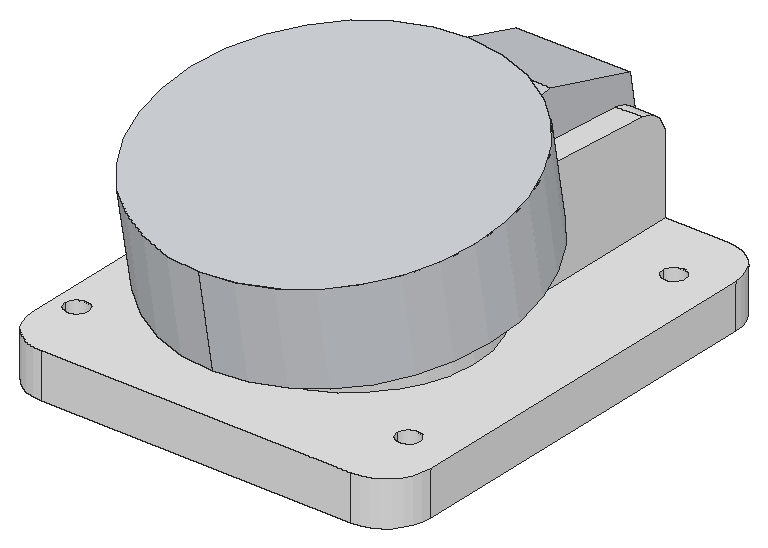
Revit family "Building-IEC309Connections-GEWISS-IEC309HP-10°_FLUSH-MOUNT_SOCKET_16A_REDUCED_FLANGE", category Apparecchi elettrici, host Superficie, Revit 2019
Family settings
  Host = Superficie
  Mantenere orientamento annotazione = Sì
  Quota connettore circolare = Usa diametro
  Tipo di parte = Normale
  Taglio con vuoti quando caricato = No
  Condiviso = No
  Punto di calcolo locali = Sì
Parameters (values of type "GW62204 - IP44 10°P.RECEPTACLE 2P+E 16A 230V 6H")
  simbolo acceso [instance] = yes
  distanza_simbolo [instance] = 1 mm
  distanza dal piano [instance] = 0 mm
  W = 115 mm  # constant formula
  Voltaggio = 0 V
  Version file RFA = "21.11"
  URL = "https://www.gewiss.com/ww/en"
  Typology = "10° angled flush-mounting socket-outlet"
  Type of wiring = "With screw"
  Total number of operations = "-5000"
  Thermo-pressure with ball = "125 °C (active parts) - 80 °C (passive parts)"
  Terminal tightening capacity = "1-2.5mm² flexible cables - 1.5-4mm² rigid cables"
  Technical sheet = "https://www.gewiss.com/ww/en/search?q=GW62204"
  Spostamento_effettivo_S [instance] = 4000 mm - Spostamento_S  # 3037.5 mm
  Spostamento_S = 962.5 mm
  Sportello_visibile = yes
  Shock resistance = "IK08"
  SPinotto = Default(2)
  SEO = "Socket outlet"
  Reference h = "6"
  Realized by GEWISS S.p.A. = ""
  Rated voltage = "200-250V"
  Rated current (A) = "16"
  Default Elevation = 1219.2 mm
  Produttore = "GEWISS S.p.A."
  Piastra = Default(2)
  Permissible overload = "22A"
  Operating temperature: = "-25 +55 °C"
  No. of poles = "2P+E"
  N.poli = 1
  Modello = "GW62204"
  L = 155 mm  # constant formula
  Insulation resistance = "- 10 M?"
  Immagine tipo = (empty or 0)
  IP degree = "IP44/IP54"
  IDT = "114b7d9d6d3d4d5c9f204bb7cf775f6c"
  IDF = "0263b613-1a5a-4226-ba06-1b5d4df9bf17"
  Glow wire test: = "850 °C (active parts) - 650 °C (passive parts)"
  Frequency = "50/60 Hz"
  Flange dimensions (mm) = "62x62"
  FORMULA = 1000 mm * 1  # 1000 mm
  Electrocod = "2210"
  Description = "IP44 10°P.RECEPTACLE 2P+E 16A 230V 6H"
  Corpo centrale = Default(2)
  Colour: = "Blue"
  Catalogue = "BUILDING"
  COBie.Tagnumber = ""
  COBie.CreatedOn = ""
  COBie.CreatebBy = ""
  COBie.ComponentRegisterItemID = ""
  COBie.Component.TagNumber = ""
  COBie.Component.Space = ""
  COBie.Component.SerialNumber = ""
  COBie.Component.InstallationDate = ""
  COBie.Component.Description = ""
  COBie.Component.BarCode = ""
  Breaking capacity at 1.1 Un = "20A"
  BLOCCO = "B=C"
Reference planes
  plane 1 "Centro (Fronte/Retro)": y = 0
  plane 2: z = 0
  plane 3 "Centro (Sinistra/Destra)": x = 0
  plane 4: x = -3000
  plane 5: x = 37.5
  plane 6: z = 0
Dimensions and locks
  plane 4 to plane 3 "Centro (Sinistra/Destra)" = 3000 mm
  "Spostamento_effettivo_S": plane 4 to plane 5
  "distanza dal piano": plane 6 to plane 2
  aligned and locked: plane 2 to host face
  aligned and locked: level to host face
  aligned and locked: plane 3 "Centro (Sinistra/Destra)" to nested 1
  aligned and locked: plane 1 "Centro (Fronte/Retro)" to nested 1
  aligned and locked: nested 2 to plane 5
Automatic sketch dimensions
  host sketch curve to host sketch curve = 2438.4 mm  (x2)
Nested families
  nested 1: "IEC309 PRESA FISSA INCASSO 10' 16A RID_base" at (0, 0, 0), type "IEC309 PRESA FISSA INCASSO 10' 16A RID_base"
  nested 2: "GWGW62201FH - SIMBOLO_PRESA" at (37.5, 171.559, 0), visible <- "simbolo acceso", Distanza dal muro <- "distanza_simbolo", type "3P"
    with SIMBOLO ACCESO yes, Distanza dal muro 1 mm
Connectors
  electrical at (37.5, 30, 0), driven by "N.poli", driven by "Voltaggio"
    settings: on nested 1, index 1, voltage 0 V, apparent load 0 VA, apparent load phase1 0 VA, apparent load phase2 0 VA, apparent load phase3 0 VA, power factor 1, load classification "Altro", number of poles 1, system type 31, power factor state 1, is connector primary yes, connector utility no, sub classification motor no, connector description ""
Definition of nested family "IEC309 PRESA FISSA INCASSO 10' 16A RID_base"
  Parameters (values of type "IEC309 PRESA FISSA INCASSO 10' 16A RID_base")
    sp_ghiera = 16 mm
    h = 85 mm  # constant formula
    dis_base = 71 mm
    Sportello = yes
    Spinotto = none
    R1 = 22 mm  # constant formula
    PIASTRA = none
    Lunghezza totale = 140 mm
    CENTRALE = none
    Bsae = 72 mm  # constant formula
  Reference planes
    plane 1 "Centro (Fronte/Retro)": y = 0
    plane 2: z = 0
    plane 3 "Centro (Sinistra/Destra)": x = 0
    plane 4: x = 72
    plane 5: x = 4
    plane 6: y = 13
    plane 7: x = 64
    plane 8: y = 73
    plane 9: y = 85
    plane 10: y = 36.5
    plane 11: x = 36
    plane 12: z = 8.057
    plane 13: y = 29
    plane 14: z = 23.239
    plane 15: through (37.5, 29, 1200) normal (-0.766, -0.6428, 0)
    plane 16: through (37.5, 29, 1200) normal (-0.766, 0.6428, 0)
  Forms (mm)
    Extrusion 1, solid, material <- "PIASTRA"
      sketch origin (0, 0, 0) x (1, 0, 0) y (0, 1, 0)
        loop
          arc (8, 85) -> (2.343, 82.657) -> (0, 77) r 8
          line (0, 77) -> (0, 8)
          arc (0, 8) -> (2.343, 2.343) -> (8, 0) r 8
          line (8, 0) -> (64, 0)
          arc (64, 0) -> (69.657, 2.343) -> (72, 8) r 8
          line (72, 8) -> (72, 77)
          arc (72, 77) -> (69.657, 82.657) -> (64, 85) r 8
          line (64, 85) -> (8, 85)
      from 0 to 8.057
    Sweep 2, solid, material <- "PIASTRA"
      path origin (0, 0, 0) x (0, 1, 0) y (0, 0, 1)
        loop
          line (34.307, 18.553) -> (36.569, 6.116)
      profile origin (0, 35.438, 12.334) x (0, 0.983865, 0.17891) y (1, 0, 0)
        loop
          circle (-0.621, 36) r 22
    Extrusion 3, solid, material <- "PIASTRA"
      sketch origin (0, 11.875, 0) x (1, 0, 0) y (0, 1, 0)
        loop
          spline (47.772, 47.955) -> (48.225, 47.698) -> (48.672, 47.433) -> (49.113, 47.158) -> (49.548, 46.874) -> (49.976, 46.582) -> (50.398, 46.281) -> (50.812, 45.972) -> (51.219, 45.654) -> (51.619, 45.329) -> (52.011, 44.995) -> (52.395, 44.654) -> (52.772, 44.305)
          line (52.772, 44.305) -> (52.772, 73) -> (47.772, 73) -> (47.772, 47.955)
      from 8.057 to 31.758
    Extrusion 4, void
      sketch origin (0, 11.875, 0) x (0, 1, 0) y (0, 0, 1)
        loop
          line (73, 31.758) -> (44.305, 31.758) -> (44.305, 28.134) -> (68.064, 26.588)
          arc (68.064, 26.588) -> (71.251, 25.281) -> (73, 22.313) r 5.4
          line (73, 22.313) -> (73, 31.758)
      from 47.772 to 52.772
    Extrusion 5, solid, material <- "PIASTRA"
      sketch origin (75, 11.875, 0) x (-1, 0, 0) y (0, -1, 0)
        loop
          line (49.272, -48.02) -> (49.272, -73) -> (54.272, -73) -> (54.272, -43.697)
          spline (54.272, -43.697) -> (53.906, -44.109) -> (53.53, -44.514) -> (53.145, -44.909) -> (52.749, -45.294) -> (52.345, -45.671) -> (51.931, -46.037) -> (51.509, -46.394) -> (51.077, -46.74) -> (50.638, -47.076) -> (50.19, -47.402) -> (49.735, -47.716) -> (49.272, -48.02)
      from 8.057 to 28.109
    Extrusion 6, void
      sketch origin (75, 11.875, 0) x (0, 1, 0) y (0, 0, -1)
        loop
          line (73, -31.758) -> (73, -19.567)
          arc (73, -19.567) -> (71.497, -23.176) -> (67.952, -24.825) r 5.4
          line (67.952, -24.825) -> (38, -26.775) -> (38, -31.758) -> (73, -31.758)
      from 39.92 to 54.884
    Sweep 7, void
      path origin (0, 0.625, 0) x (0, 1, 0) y (0, 0, 1)
        loop
          line (18.381, 21.548) -> (20.759, 8.057)
      profile origin (0, 20.195, 14.803) x (0, 0.984809, 0.173644) y (1, 0, 0)
        loop
          circle (-1.772, 37.608) r 5
        loop
          circle (10.516, 29.004) r 5
        loop
          circle (10.516, 45.996) r 5
    Sweep 8, solid, visible <- "Sportello"
      path origin (0, 4.703, 0.42) x (0, 0.999986, 0.005351) y (0, -0.005351, 0.999986)
        loop
          line (29.196, 35.942) -> (32.283, 18.43)
      profile origin (0, 35.296, 27.77) x (0, 0.983865, 0.17891) y (1, 0, 0)
        loop
          circle (-2.622, 36) r 31
    Extrusion 9, solid, visible <- "Sportello"
      sketch origin (0, 11.875, -1.562) x (0, 1, 0) y (0, 0, 1)
        loop
          line (46.739, 26.216) -> (68.431, 24.804)
          arc (68.431, 24.804) -> (71.22, 23.59) -> (73.002, 21.123) r 5.761
          arc (73.002, 21.123) -> (73.116, 22.165) -> (73.026, 23.208) r 5.4
          line (73.026, 23.208) -> (71.359, 32.236) -> (53.64, 37.49) -> (45.019, 35.97) -> (46.739, 26.216)
      from 27.228 to 47.772
    Extrusion 10, void
      sketch origin (0, 0, 0) x (1, 0, 0) y (0, 1, 0)
        loop
          circle (4, 73) r 2.072
        loop
          circle (64, 73) r 2.072
        loop
          circle (4, 13) r 2.072
        loop
          circle (64, 13) r 2.072
      from 0 to 8.057
  Cuts and joins
    Sweep 7, Extrusion 10 cuts Extrusion 1
    Sweep 7, Extrusion 10 cuts Sweep 2
    joined: Extrusion 1, Sweep 2
    Extrusion 4, Extrusion 6 cuts Extrusion 3
    Extrusion 6 cuts Extrusion 5
  Dimensions and locks
    "Bsae": plane 3 "Centro (Sinistra/Destra)" to plane 4
    locked: plane 7 to plane 4 at 8
    "h": plane 1 "Centro (Fronte/Retro)" to plane 9
    equal spacing: plane 1 "Centro (Fronte/Retro)", plane 10, plane 8
    equal spacing: plane 3 "Centro (Sinistra/Destra)", plane 11, plane 4
    locked: plane 5 to plane 7 at 60
    locked: plane 8 to plane 6 at 60
    locked: plane 12 to level at 8.057
    plane 1 "Centro (Fronte/Retro)" to plane 13 = 29 mm
    plane 14 to plane 12 = 15.181 mm
    radius of Extrusion 1 sketch curve = 8 mm  (x4)
    "R1": radius of Sweep 2 sketch curve
    aligned and locked: level to plane 2
    aligned and locked: plane 9 to Extrusion 1
    aligned and locked: Extrusion 1 to plane 3 "Centro (Sinistra/Destra)"
    aligned and locked: plane 1 "Centro (Fronte/Retro)" to Extrusion 1
    aligned and locked: Extrusion 1 to plane 4
    aligned and locked: plane 12 to Extrusion 1
    aligned and locked: Extrusion 3 to plane 12
    aligned and locked: Extrusion 4 sketch curve to Extrusion 3  (x2)
    aligned and locked: Extrusion 4 to Extrusion 3  (x2)
    aligned and locked: plane 5 to Extrusion 10 sketch curve  (x2)
    aligned and locked: plane 8 to Extrusion 10 sketch curve  (x2)
    aligned and locked: plane 7 to Extrusion 10 sketch curve  (x2)
    aligned and locked: plane 6 to Extrusion 10 sketch curve  (x2)
    aligned and locked: Extrusion 1 to Extrusion 10
    aligned and locked: plane 11 to Sweep 8 sketch curve
    aligned and locked: plane 11 to Sweep 2 sketch curve
  Automatic sketch dimensions
    Extrusion 1 sketch curve to plane 3 "Centro (Sinistra/Destra)" = 0 mm
    Extrusion 1 sketch curve to plane 7 = 0 mm
    plane 1 "Centro (Fronte/Retro)" to Extrusion 1 sketch curve = 0 mm
    Extrusion 1 sketch curve to plane 9 = 0 mm
    plane 8 to Extrusion 3 sketch curve = 11.875 mm
    plane 11 to Extrusion 3 sketch curve = 11.772 mm
    Extrusion 3 sketch curve to Extrusion 3 sketch curve = 5 mm
    plane 10 to Extrusion 3 sketch curve = 23.33 mm
    Extrusion 3 sketch curve to Extrusion 3 sketch curve = 3.65 mm
    Extrusion 3 sketch curve to plane 11 = 0.8 mm
    plane 13 to Extrusion 3 sketch curve = 10.977 mm
    Extrusion 5 sketch curve to plane 8 = 11.875 mm
    plane 11 to Extrusion 5 sketch curve = 10.272 mm
    Extrusion 5 sketch curve to Extrusion 5 sketch curve = 5 mm
    Extrusion 5 sketch curve to plane 10 = 23.395 mm
    Extrusion 5 sketch curve to Extrusion 5 sketch curve = 4.323 mm
    Extrusion 5 sketch curve to plane 13 = 11.891 mm
    Extrusion 5 sketch curve to plane 11 = 2.244 mm
    plane 8 to Extrusion 6 sketch curve = 11.875 mm
    plane 8 to Extrusion 6 sketch curve = 6.827 mm
    Extrusion 6 sketch curve to plane 14 = 3.802 mm
    plane 8 to Extrusion 6 sketch curve = 6.477 mm
    plane 10 to Extrusion 6 sketch curve = 13.375 mm
    Extrusion 6 sketch curve to plane 14 = 3.672 mm
    plane 14 to Extrusion 6 sketch curve = 3.536 mm
    Extrusion 6 sketch curve to Extrusion 6 sketch curve = 6.933 mm
    Extrusion 4 sketch curve to plane 14 = 2.04 mm
    plane 8 to Extrusion 4 sketch curve = 6.591 mm
    plane 8 to Extrusion 4 sketch curve = 6.939 mm
    Extrusion 4 sketch curve to plane 14 = 0.925 mm
    Extrusion 4 sketch curve to Extrusion 4 sketch curve = 3.624 mm
    Sweep 7 sketch curve to plane 12 = 0 mm
    Sweep 7 sketch curve to plane 14 = 1.691 mm
    plane 6 to Sweep 7 sketch curve = 6.006 mm
    plane 6 to Sweep 7 sketch curve = 8.384 mm
    profile plane to Sweep 7 sketch curve = 1.772 mm
    Sweep 7 sketch curve to profile plane = 10.516 mm  (x2)
    plane 3 "Centro (Sinistra/Destra)" to Sweep 7 sketch curve = 29.004 mm
    Sweep 7 sketch curve to Sweep 7 sketch curve = 8.604 mm
    Sweep 7 sketch curve to Sweep 7 sketch curve = 8.388 mm
    profile plane to Sweep 8 sketch curve = 2.622 mm
    Extrusion 9 sketch curve to Extrusion 9 sketch curve = 1.72 mm
    Extrusion 9 sketch curve to Extrusion 9 sketch curve = 8.621 mm
    Extrusion 9 sketch curve to Extrusion 9 sketch curve = 0.109 mm
    plane 8 to Extrusion 9 sketch curve = 10.234 mm
    Extrusion 9 sketch curve to plane 14 = 2.574 mm
    Extrusion 9 sketch curve to Extrusion 9 sketch curve = 3.125 mm
    plane 14 to Extrusion 9 sketch curve = 7.435 mm
    plane 14 to Extrusion 9 sketch curve = 1.415 mm
    Extrusion 9 sketch curve to Extrusion 9 sketch curve = 0.715 mm
    plane 14 to Extrusion 9 sketch curve = 0.003 mm
    plane 8 to Extrusion 9 sketch curve = 11.877 mm
    plane 8 to Extrusion 9 sketch curve = 11.901 mm
    Extrusion 9 sketch curve to plane 14 = 1.593 mm
    plane 10 to Extrusion 9 sketch curve = 29.015 mm
    Extrusion 9 sketch curve to Extrusion 9 sketch curve = 9.754 mm
    plane 13 to Sweep 8 sketch curve = 4.706 mm
    plane 14 to Sweep 8 sketch curve = 13.279 mm
    Sweep 8 sketch curve to Sweep 8 sketch curve = 3.088 mm
    Sweep 8 sketch curve to Sweep 8 sketch curve = 17.512 mm
    Sweep 2 sketch curve to plane 10 = 2.193 mm
    plane 10 to Sweep 2 sketch curve = 0.069 mm
    Sweep 2 sketch curve to plane 12 = 1.942 mm
    Sweep 2 sketch curve to plane 14 = 4.686 mm
    plane 8 to Extrusion 4 sketch curve = 11.875 mm
    profile plane to Sweep 2 sketch curve = 0.621 mm
    radius of Sweep 7 sketch curve = 5 mm  (x3)
    radius of Extrusion 10 sketch curve = 2.072 mm  (x4)
    radius of Sweep 8 sketch curve = 31 mm
Definition of nested family "GWGW62201FH - SIMBOLO_PRESA"
  Parameters (values of type "3P")
    SIMBOLO ACCESO [instance] = yes
    Distanza dal muro [instance] = 0 mm
  Reference planes
    plane 1: y = 0
    plane 2: x = 0
  Dimensions and locks
    "Distanza dal muro": plane 1 to nested 1
    aligned and locked: plane 2 to nested 1
  Nested families
    nested 1: "GWGW62201FH - SIMBOLO" at (0, 0, 0), visible <- "SIMBOLO ACCESO", type "3P"
  Definition of nested family "GWGW62201FH - SIMBOLO"
    Parameters (values of type "3P")
      CORNICE SIMBOLO [instance] = yes
      3P = yes
    Reference planes
      plane 1: y = 0
      plane 2: x = 0
    Lines and regions (mm)
      detail lines
        curve 1: circle (-0.314, 0.674, 0) r 0.057 normal (0, 0, 1)
        curve 2: arc (0.346, -0.009, 0) -> (0, 0.337, 0) -> (-0.346, -0.009, 0) r 0.346
        curve 3: line (0, 0.337, 0) -> (0.346, 0.337, 0)
        curve 4: line (0, 3.386, 0) -> (0, 0.337, 0)
        curve 5: line (0, 0.337, 0) -> (-0.314, 0.674, 0)
